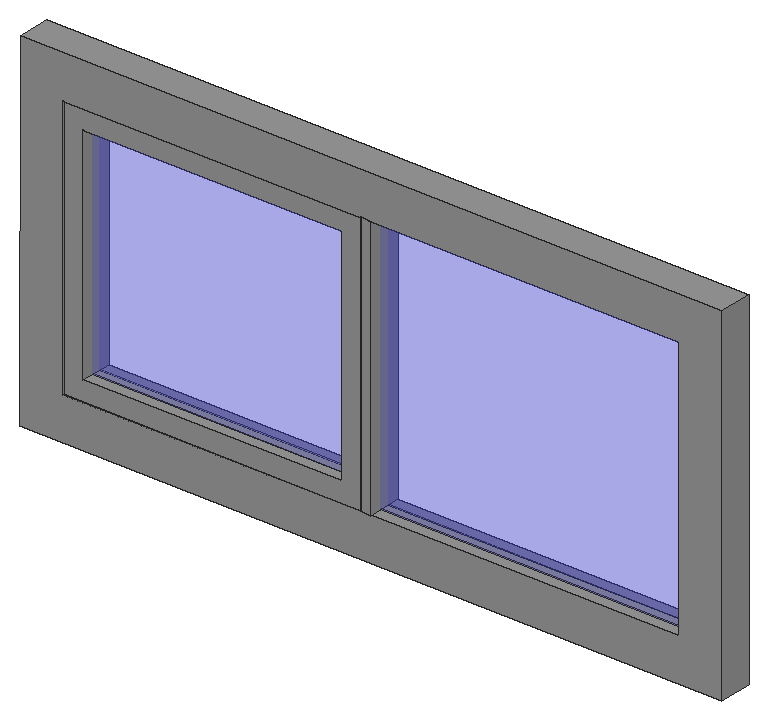
Revit family "Family62", category Windows, host Wall, Revit 2018
Family settings
  Host = Wall
  OmniClass Number = 23.30.20.00
  OmniClass Title = Windows
  Always vertical = Yes
  Cut with Voids When Loaded = No
  Shared = No
  Room Calculation Point = No
Parameters
  Window Frame = 84 mm
  Visual Light Transmittance = 0.81
  URL = "www.skywardwindows.co.za"
  Thermal Resistance (R) = 0.3196 (m²·K)/W
  Telephone = "021 276 1800"
  Solar Heat Gain Coefficient = 0.76
  Manufacturer = "Skyward Windows"
  Height = 890 mm
  Heat Transfer Coefficient (U) = 3.1292 W/(m²·K)
  Glass Thickness = 4 mm
  Glass = Glass
  Frame = White
  Email Address = "info@skywardwindows.co.za"
  Default Sill Height = 800 mm
  Wall Closure = By host
  Width = 1790 mm
  Company Address = "Charles Matthews Street Atlantis 7349"
  Analytic Construction = "Double glazing - domestic"
Reference planes
  plane 1 "Center (Front/Back)": y = 0
  plane 2 "Center (Left/Right)": x = 0
  plane 3 "Left": x = -895
  plane 4 "Right": x = 895
  plane 5 "Sill": z = 800
  plane 6 "Head": z = 1690
  plane 7 "Exterior": y = 100
  plane 8 "Interior": y = -100
Forms (mm)
  Extrusion 1, solid, material "White" <- "Frame"
    sketch origin (0, -100, 0) x (1, 0, 0) y (0, 0, 1)
      loop
        line (-895, 1690) -> (-895, 800) -> (895, 800) -> (895, 1690) -> (-895, 1690)
      loop
        line (-786, 909) -> (786, 909) -> (786, 1581) -> (-786, 1581) -> (-786, 909)
    from -142 to -58
  Extrusion 2, solid, material "White" <- "Frame"
    sketch origin (0, -100, 0) x (1, 0, 0) y (0, 0, 1)
      loop
        line (-786, 1581) -> (-786, 909) -> (-27.495, 909) -> (-27.495, 1581) -> (-786, 1581)
      loop
        line (-736, 1531) -> (-736, 959) -> (-77.495, 959) -> (-77.495, 1531) -> (-736, 1531)
    from -140 to -60
  Extrusion 3, solid, material "White" <- "Frame"
    sketch origin (0, -100, 0) x (1, 0, 0) y (0, 0, 1)
      loop
        line (-27.495, 1581) -> (-27.495, 909) -> (0, 909) -> (0, 1581) -> (-27.495, 1581)
    from -142 to -58
  Extrusion 4, solid, material "Glass" <- "Glass"
    sketch origin (0, 0, 0) x (1, 0, 0) y (0, 1, 0)
      loop
        line (-736, 14) -> (-736, 10) -> (-77.495, 10) -> (-77.495, 14) -> (-736, 14)
      loop
        line (-736, -10) -> (-736, -14) -> (-77.495, -14) -> (-77.495, -10) -> (-736, -10)
    from 959 to 1531
  Extrusion 5, solid, material "Glass" <- "Glass"
    sketch origin (0, 0, 0) x (1, 0, 0) y (0, 1, 0)
      loop
        line (0, 14) -> (0, 10) -> (786, 10) -> (786, 14) -> (0, 14)
      loop
        line (786, -10) -> (0, -10) -> (0, -14) -> (786, -14) -> (786, -10)
    from 909 to 1581
Lines and regions (mm)
  Opening 1
    outline origin (3500, -100, 0) x (1, 0, 0) y (0, 0, 1)
      loop
        line (-2605, 800) -> (-2605, 1690) -> (-4395, 1690) -> (-4395, 800) -> (-2605, 800)
Text (mm)
  text "EXTERIOR" at (-1963.203, 1332.353, 0), in view "Ref. Level"
  text "INTERIOR" at (-1981.466, -818.386, 0), in view "Ref. Level"
  text "Exterior" at (0, 923.751, 2943.296), in view "Right"
  text "Exterior" at (0, 1040.484, 2685.409), in view "Left"
Dimensions and locks
  equal spacing: plane 3 "Left", plane 2 "Center (Left/Right)", plane 4 "Right"
  "Width": plane 3 "Left" to plane 4 "Right"
  "Height": plane 5 "Sill" to plane 6 "Head"
  "Default Sill Height": plane 5 "Sill" to level
  locked: plane 7 "Exterior" to host wall at 0
  locked: plane 8 "Interior" to host wall
  "Window Frame": Extrusion 1 to Extrusion 1
  "Glass Thickness": Extrusion 4 to Extrusion 4
  "Glass Thickness": Extrusion 5 to Extrusion 5
  aligned and locked: Extrusion 1 sketch curve to host wall  (x4)
  aligned and locked: Extrusion 4 to Extrusion 2
Automatic sketch dimensions
  Opening 1 sketch curve to plane 3 "Left" = 0 mm
  Opening 1 sketch curve to plane 4 "Right" = 0 mm
  Opening 1 sketch curve to plane 5 "Sill" = 0 mm
  Opening 1 sketch curve to plane 6 "Head" = 0 mm
  Extrusion 1 sketch curve to plane 3 "Left" = 109 mm
  plane 4 "Right" to Extrusion 1 sketch curve = 109 mm
  Extrusion 1 sketch curve to plane 5 "Sill" = 109 mm
  plane 6 "Head" to Extrusion 1 sketch curve = 109 mm
  Extrusion 2 sketch curve to plane 3 "Left" = 109 mm
  Extrusion 2 sketch curve to Extrusion 2 sketch curve = 50 mm  (x3)
  plane 2 "Center (Left/Right)" to Extrusion 2 sketch curve = 77.495 mm
  plane 2 "Center (Left/Right)" to Extrusion 2 sketch curve = 27.495 mm
  Extrusion 2 sketch curve to plane 5 "Sill" = 109 mm
  plane 6 "Head" to Extrusion 2 sketch curve = 159 mm
  plane 2 "Center (Left/Right)" to Extrusion 3 sketch curve = 0 mm
  plane 2 "Center (Left/Right)" to Extrusion 3 sketch curve = 27.495 mm
  Extrusion 3 sketch curve to plane 5 "Sill" = 109 mm
  plane 6 "Head" to Extrusion 3 sketch curve = 109 mm
  Extrusion 4 sketch curve to host wall = 14 mm
  Extrusion 4 sketch curve to plane 3 "Left" = 159 mm
  Extrusion 4 sketch curve to Extrusion 4 sketch curve = 0 mm  (x2)
  host wall to Extrusion 4 sketch curve = 10 mm
  plane 2 "Center (Left/Right)" to Extrusion 4 sketch curve = 77.495 mm
  Extrusion 4 sketch curve to Extrusion 4 sketch curve = 4 mm  (x2)
  plane 2 "Center (Left/Right)" to Extrusion 5 sketch curve = 0 mm  (x2)
  Extrusion 5 sketch curve to host wall = 14 mm
  plane 4 "Right" to Extrusion 5 sketch curve = 109 mm
  Extrusion 5 sketch curve to Extrusion 5 sketch curve = 0 mm
  Extrusion 5 sketch curve to Extrusion 5 sketch curve = 4 mm  (x2)
  host wall to Extrusion 5 sketch curve = 10 mm
